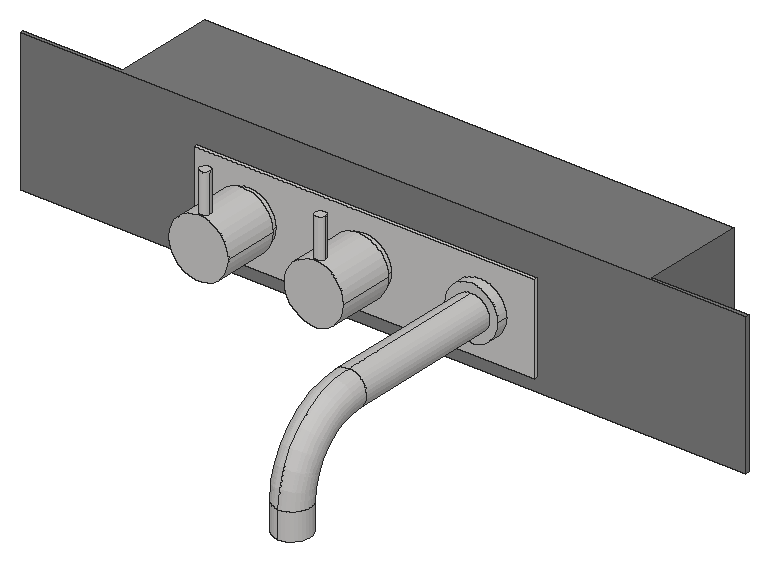
Revit family "613CK", category Plumbing Fixtures, Revit 2021
Family settings
  Round Connector Dimension = Use Diameter
  Part Type = Normal
  Work Plane-Based = No
  Always vertical = Yes
  Cut with Voids When Loaded = No
  Shared = No
  Room Calculation Point = No
Parameters
  e-mail = "info@vola.com"
  URL = "http://vola.com"
  Telephone = "+45 7023 5500"
  Quality management standard = "ISO 9001"
  Organisation no. / DUNS no. = "17531328"
  Occupational health and safety management standard = "ISO 18001"
  Mounting Instructions = "http://vola.com/service/producturl.ashx?name=613CK"
  Model = "613CK"
  Mixer Offset [instance] = 12.00 mm
  Mixer = yes
  Materials and components information = "http://vola.com/service/producturl.ashx?name=613CK"
  Manufacturer = "VOLA A/S"
  Maintenance Instructions = "http://vola.com/service/producturl.ashx?name=613CK"
  Guarantee = "2 years"
  Flow = "30,00 l/min"
  Environmental management standard = "ISO 14000"
  Default Elevation = 0.00 mm
  Connection - All relevant connections = "½\" for water connection"
  Approvals = "http://vola.com/service/producturl.ashx?name=613CK"
Reference planes
  plane 1 "Center (Front/Back)": y = 0
  plane 2: z = 0
  plane 3 "Center (Left/Right)": x = 0
  plane 4 "Mixer plane": y = 12
  plane 5 "Wall Surface": y = 0
Forms (mm)
  Extrusion 1, solid, material "Stainless Steel", visible <- "Mixer"
    sketch origin (-39, 12, -609.6) x (0, 0, -1) y (-1, 0, 0)
      loop
        circle (-609.6, 39) r 15.75
    from 0 to -12
  Extrusion 2, solid, material "Stainless Steel", visible <- "Mixer"
    sketch origin (-39, 12, -609.6) x (0, 0, -1) y (-1, 0, 0)
      loop
        circle (-609.6, -39) r 15.75
    from 0 to -12
  Extrusion 3, solid, material "Stainless Steel", visible <- "Mixer"
    sketch origin (39, 12, -609.6) x (0, 0, -1) y (-1, 0, 0)
      loop
        circle (-609.6, -39) r 17
    from 0 to -12
Dimensions and locks
  "Mixer Offset": plane 4 "Mixer plane" to plane 1 "Center (Front/Back)"
  aligned and locked: plane 2 to level
  aligned and locked: plane 1 "Center (Front/Back)" to Extrusion 1
  aligned and locked: plane 1 "Center (Front/Back)" to Extrusion 2
  aligned and locked: plane 4 "Mixer plane" to nested 1
  aligned and locked: plane 1 "Center (Front/Back)" to Extrusion 3
Automatic sketch dimensions
  Extrusion 1 sketch curve to level = 0.00 mm
  Extrusion 1 sketch curve to plane 3 "Center (Left/Right)" = 78.00 mm
  Extrusion 2 sketch curve to level = 0.00 mm
  Extrusion 2 sketch curve to plane 3 "Center (Left/Right)" = 0.00 mm
  Extrusion 3 sketch curve to level = 0.00 mm
  plane 3 "Center (Left/Right)" to Extrusion 3 sketch curve = 78.00 mm
  radius of Extrusion 1 sketch curve = 15.75 mm
  radius of Extrusion 2 sketch curve = 15.75 mm
  radius of Extrusion 3 sketch curve = 17.00 mm
Nested families
  nested 1: "600" at (-39, 83.5, -55), visible <- "Mixer", type "600"
  nested 2: "NR17" at (0, -2, 0), type "NR17"
  nested 3: "003K" at (0, 0, 0) x (1, 0, 0) z (0, -1, 0), type "003K"
  nested 4: "NR17" at (-78, -2, 0), type "NR17"
  nested 5: "010C" at (78, -2, 0), type "010C"
Connectors
  piping at (-78, 60, -55), diameter 28
    settings: on nested 1, index 1, connector inside diameter 1.10236", connector length 0.00 mm, flow factor 0, pipe flow 0 GPM, pressure drop 0.00 psi, fitting loss kfactor 0, connector angle 0.00°, fixture units 0, engagement length 0.00 mm, angle of deflection 0.00°, flow configuration 0, flow direction 1, fitting loss method 0, system type 19, joint type 0, gender type 0, connector reference index -1, connector utility 0, adjustable connector no, is connector primary yes, connector description ""
  piping at (0, 60, -55), diameter 28
    settings: on nested 1, index 2, connector inside diameter 1.10236", connector length 0.00 mm, flow factor 0, pipe flow 0 GPM, pressure drop 0.00 psi, fitting loss kfactor 0, connector angle 0.00°, fixture units 0, engagement length 0.00 mm, angle of deflection 0.00°, flow configuration 0, flow direction 1, fitting loss method 0, system type 20, joint type 0, gender type 0, connector reference index -1, connector utility 0, adjustable connector no, is connector primary no, connector description ""
Definition of nested family "600"
  Parameters
    e-mail = "info@vola.com"
    URL = "http://vola.com"
    Telephone = "+45 7023 5500"
    Quality management standard = "ISO 9001"
    Organisation no. / DUNS no. = "17531328"
    Occupational health and safety management standard = "ISO 18001"
    Mounting Instructions = "http://vola.com/service/producturl.ashx?name=600"
    Model = "600"
    Materials and components information = "http://vola.com/service/producturl.ashx?name=600"
    Manufacturer = "VOLA A/S"
    Maintenance Instructions = "http://vola.com/service/producturl.ashx?name=600"
    Guarantee = "2 years"
    Flow = "65,00 l/min"
    Environmental management standard = "ISO 14000"
    Default Elevation = 0.00 mm
    Connection - All relevant connections = ""
    Approvals = "http://vola.com/service/producturl.ashx?name=600"
  Reference planes
    plane 1 "Center (Front/Back)": y = 0
    plane 2: z = 0
    plane 3 "Center (Left/Right)": x = 0
    plane 4 "Front Plane": y = -71.5
    plane 5 "Inlet Center Plane": y = -23.5
    plane 6: z = 55
  Forms (mm)
    Extrusion 1, solid
      sketch origin (0, 0, -14) x (1, 0, 0) y (0, 1, 0)
        loop
          line (-137.5, 0) -> (-137.5, -69) -> (220.5, -69) -> (220.5, 0) -> (-137.5, 0)
      from 21.5 to 116.5
    Extrusion 2, solid
      sketch origin (51, 1.5, 7.5) x (0, 1, 0) y (1, 0, 0)
        loop
          circle (-25, -12) r 14
      from 0 to 7.5
    Extrusion 3, solid
      sketch origin (0, -1, -14) x (1, 0, 0) y (0, 1, 0)
        loop
          line (-205, -68) -> (-205, -70.5) -> (285.5, -70.5) -> (285.5, -68) -> (-205, -68)
      from 21.5 to 116.5
    Extrusion 4, solid
      sketch origin (-27, 1.5, 7.5) x (0, 1, 0) y (1, 0, 0)
        loop
          circle (-25, -12) r 14
      from 0 to 7.5
  Cuts and joins
    joined: Extrusion 1, Extrusion 3
  Lines and regions (mm)
    reference lines
      curve 1: line (-39, -23.5, 55) -> (-39, -111.5, 55)
      curve 2: line (39, -23.5, 55) -> (39, -109.5, 55)
      curve 3: line (39, -23.5, 55) -> (39, -23.5, -44)
      curve 4: line (-39, -23.5, 55) -> (-39, -23.5, -44)
      curve 5: line (117, -25.5, 55) -> (117, -111.5, 55)
      curve 6: line (117, -38, 55) -> (117, -38, 154)
      curve 7: line (117, -38, 55) -> (117, -38, -44)
  Dimensions and locks
    aligned and locked: plane 2 to level
    aligned and locked: plane 6 to curve 3
    aligned and locked: Extrusion 1 to Extrusion 3
    aligned and locked: Extrusion 3 to Extrusion 1
Definition of nested family "NR17"
  Parameters
    e-mail = "info@vola.com"
    URL = "http://vola.com"
    Telephone = "+45 7023 5500"
    Quality management standard = "ISO 9001"
    Organisation no. / DUNS no. = "17531328"
    Occupational health and safety management standard = "ISO 18001"
    Mounting Instructions = "http://vola.com/service/producturl.ashx?name=NR17"
    Model = "NR17"
    Materials and components information = "http://vola.com/service/producturl.ashx?name=NR17"
    Manufacturer = "VOLA A/S"
    Maintenance Instructions = "http://vola.com/service/producturl.ashx?name=NR17"
    Guarantee = "2 years"
    Environmental management standard = "ISO 14000"
    Default Elevation = 0.00 mm
    Connection - All relevant connections = ""
    Approvals = "http://vola.com/service/producturl.ashx?name=NR17"
  Reference planes
    plane 1 "Center (Front/Back)": y = 0
    plane 2: z = 0
    plane 3 "Center (Left/Right)": x = 0
  Forms (mm)
    Extrusion 1, solid
      sketch origin (0, 0, 0) x (1, 0, 0) y (0, 0, 1)
        loop
          circle (0, 0) r 20
      from 5 to 42.5
    Extrusion 2, solid
      sketch origin (0, -2.75, 0) x (0, -1, 0) y (1, 0, 0)
        loop
          circle (34.5, 0) r 3.5
      from 19 to 45.5
    Extrusion 3, solid
      sketch origin (0, 0, 0) x (1, 0, 0) y (0, 0, 1)
        loop
          circle (0, 0) r 18
      from 0 to 5
  Cuts and joins
    joined: Extrusion 1, Extrusion 2
  Dimensions and locks
    aligned and locked: plane 2 to level
Definition of nested family "003K"
  Parameters
    e-mail = "info@vola.com"
    URL = "http://vola.com"
    Telephone = "+45 7023 5500"
    Quality management standard = "ISO 9001"
    Organisation no. / DUNS no. = "17531328"
    Occupational health and safety management standard = "ISO 18001"
    Mounting Instructions = "http://vola.com/service/producturl.ashx?name=003K"
    Model = "003K"
    Materials and components information = "http://vola.com/service/producturl.ashx?name=003K"
    Manufacturer = "VOLA A/S"
    Maintenance Instructions = "http://vola.com/service/producturl.ashx?name=003K"
    Guarantee = "2 years"
    Environmental management standard = "ISO 14000"
    Default Elevation = 1219.20 mm
    Connection - All relevant connections = ""
    Approvals = "http://vola.com/service/producturl.ashx?name=003K"
  Reference planes
    plane 1 "Center (Front/Back)": y = 0
    plane 2: z = 0
    plane 3 "Center (Left/Right)": x = 0
  Forms (mm)
    Extrusion 1, solid
      sketch origin (0, 0, 0) x (1, 0, 0) y (0, 1, 0)
        loop
          line (-115, 30) -> (-115, -30) -> (115, -30) -> (115, 30) -> (-115, 30)
        loop
          circle (0, 0) r 16.5
        loop
          circle (-78, 0) r 16.5
        loop
          circle (78, 0) r 16.5
      from 0 to 2
  Dimensions and locks
    aligned and locked: plane 2 to level
Definition of nested family "010C"
  Parameters
    e-mail = "info@vola.com"
    URL = "http://vola.com"
    Telephone = "+45 7023 5500"
    Quality management standard = "ISO 9001"
    Organisation no. / DUNS no. = "17531328"
    Occupational health and safety management standard = "ISO 18001"
    Mounting Instructions = "http://vola.com/service/producturl.ashx?name=010C"
    Model = "010C"
    Materials and components information = "http://vola.com/service/producturl.ashx?name=010C"
    Manufacturer = "VOLA A/S"
    Maintenance Instructions = "http://vola.com/service/producturl.ashx?name=010C"
    Guarantee = "2 years"
    Environmental management standard = "ISO 14000"
    Default Elevation = 0.00 mm
    Connection - All relevant connections = ""
    Approvals = "http://vola.com/service/producturl.ashx?name=010C"
  Reference planes
    plane 1 "Center (Front/Back)": y = 0
    plane 2: z = 0
    plane 3 "Center (Left/Right)": x = 0
  Forms (mm)
    Extrusion 1, solid
      sketch origin (0, 0, 0) x (1, 0, 0) y (0, 0, 1)
        loop
          circle (0, 0) r 18
      from 0 to 7
    Sweep 2, solid
      path origin (0, 10, 0) x (0, 1, 0) y (0, 0, 1)
        loop
          arc (-168.5, -47.5) -> (-154.588, -13.912) -> (-121, 0) r 47.5
          line (-121, 0) -> (-17, 0)
      profile origin (0, -59, 0) x (0, 0, 1) y (1, 0, 0)
        loop
          circle (0, 0) r 12
    Extrusion 3, solid
      sketch origin (0, -158.5, -47.5) x (1, 0, 0) y (0, -1, 0)
        loop
          circle (0, 0) r 12
      from 0 to 18
  Dimensions and locks
    aligned and locked: plane 2 to level
